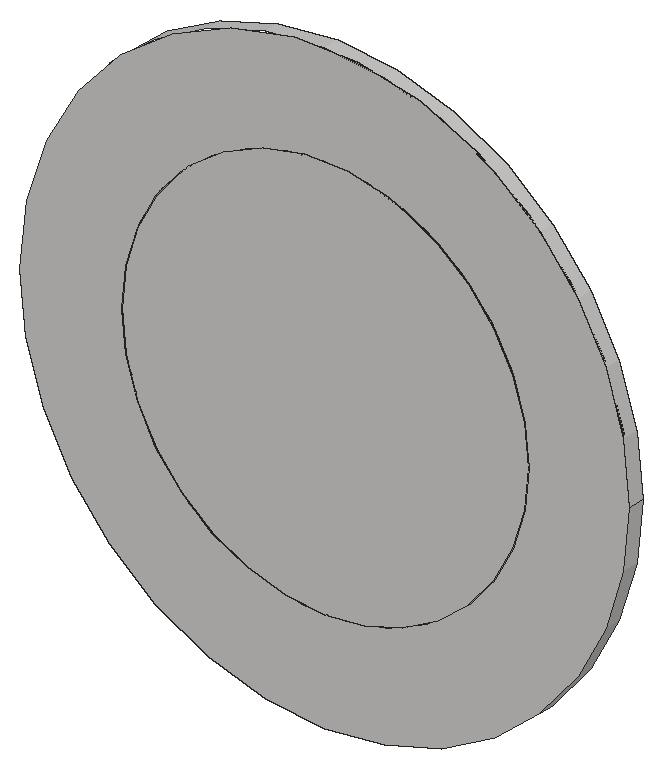
Revit family "RS82E", category Generic Models, Revit 2021
Family settings
  Can host rebar = No
  Round Connector Dimension = Use Diameter
  Part Type = Normal
  Work Plane-Based = No
  Always vertical = Yes
  Cut with Voids When Loaded = No
  Shared = No
  Room Calculation Point = No
Parameters (values of type "Standard")
  e-mail = "info@vola.com"
  URL = "http://vola.com"
  Telephone = "+45 7023 5500"
  Quality management standard = "ISO 9001"
  Organisation no. / DUNS no. = "17531328"
  Occupational health and safety management standard = "ISO 18001"
  Mounting Instructions = "http://vola.com/service/producturl.ashx?name=RS82E"
  Model = "RS82E"
  Materials and components information = "http://vola.com/service/producturl.ashx?name=RS82E"
  Manufacturer = "VOLA A/S"
  Maintenance Instructions = "http://vola.com/service/producturl.ashx?name=RS82E"
  Guarantee = "2 years"
  Environmental management standard = "ISO 14000"
  Default Elevation = 0.0000 mm
  Connection - All relevant connections = ""
  Approvals = "http://vola.com/service/producturl.ashx?name=RS82E"
Reference planes
  plane 1 "Center (Front/Back)": y = 0
  plane 2: z = 0
  plane 3 "Center (Left/Right)": x = 0
Forms (mm)
  Extrusion 1, solid, material "Stainless Steel"
    sketch origin (0, 0, 0) x (-1, 0, 0) y (0, 0, -1)
      loop
        circle (0, 0) r 30
      loop
        circle (0, 0) r 20
    from 0 to 1.5
  Extrusion 2, solid, material "Stainless Steel"
    sketch origin (0, 0, 0) x (-1, 0, 0) y (0, 0, -1)
      loop
        circle (0, 0) r 20
    from 0 to 1.5
Lines and regions (mm)
  model lines
    curve 1: circle (0, -1.5, 0) r 1.5 normal (0, 1, 0)
    curve 2: circle (0, -1.5, 5) r 1.5 normal (0, 1, 0)
    curve 3: circle (0, -1.5, -5) r 1.5 normal (0, 1, 0)
Dimensions and locks
  aligned and locked: plane 2 to level
